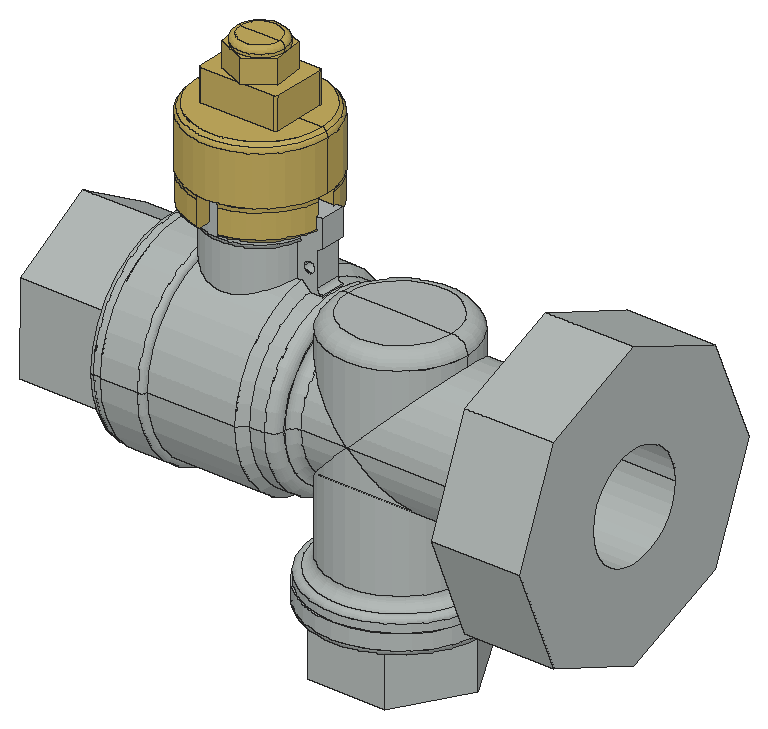
Revit family "QH00190000", category Apparecchi idraulici, Revit 2020
Family settings
  Quota connettore circolare = Usa diametro
  Tipo di parte = Normale
  Numero OmniClass = 23.45.00.00
  Titolo OmniClass = Sanitary, Laundry, and Cleaning Equipment
  Basato su piano di lavoro = No
  Sempre verticale = Sì
  Taglio con vuoti quando caricato = No
  Condiviso = No
  Punto di calcolo locali = No
Parameters
  URL = "https://web.cimberio.it/index.php/figura/1497?subcategoria_id=43528"
  Temperatura di esercizio = "-20 ÷ 90°C"
  Prospetto di default = 0 mm
  Produttore = "CIMBERIO SPA"
  Pressione nominale = "PN 32"
  Modello = "Cim 626/306"
  Materiale = "Prodotto in lega di ottone conforme alla norma EN 12165-CW617N-DW"
  Descrizione = "Utilizzato nei più svariati settori dell'impiantistica: impianti di riscaldamento, condizionamento, idrici, igienico-sanitari, aria compressa e in generale con ogni fluido non corrosivo"
  DN Model [instance] = QH00192131 : QH00192131
  DN [instance] = 20 mm  # constant formula
  Commenti sul tipo = "Realizzato in ottemperanza ai requisiti gestionali della norma EN ISO 9001.\r\nCollaudato al 100% secondo la normativa EN 12266-1"
Reference planes
  plane 1 "Centro (Fronte/Retro)": y = 0
  plane 2: z = 0
  plane 3 "Centro (Sinistra/Destra)": x = 0
Dimensions and locks
  aligned and locked: level to plane 2
Nested families
  nested 1: "QH00192131" at (0, 0, 0), type <- "DN Model", type "QH00192131"
  nested 2: "QH00192131" at (0, 0, 0), type <- "DN Model", type "QH00192131"
Connectors
  piping at (72, 0, 0), diameter 20, driven by "DN"
    settings: on nested 1, index 1, connector inside diameter 609.6 mm, connector length 0 mm, flow factor 0, pipe flow 0.0 L/s, pressure drop 0.0 Pa, fitting loss kfactor 0, connector angle 0.00°, fixture units 0, engagement length 0 mm, angle of deflection 0.00°, flow configuration 0, flow direction 0, fitting loss method 0, system type 7, joint type 0, gender type 0, connector reference index -1, connector utility 0, adjustable connector no, is connector primary yes, connector description ""
  piping at (-34.1, 0, 0), diameter 20, driven by "DN"
    settings: on nested 1, index 2, connector inside diameter 609.6 mm, connector length 0 mm, flow factor 0, pipe flow 0.0 L/s, pressure drop 0.0 Pa, fitting loss kfactor 0, connector angle 0.00°, fixture units 0, engagement length 0 mm, angle of deflection 0.00°, flow configuration 0, flow direction 0, fitting loss method 0, system type 7, joint type 0, gender type 0, connector reference index -1, connector utility 0, adjustable connector no, is connector primary no, connector description ""
Definition of nested family "QH00192131"
  Parameters (values of type "QH00192131")
    URL = "https://web.cimberio.it/index.php/figura/394?subcategoria_id="
    Temperatura di esercizio = "-10 ÷ 95°C"
    Default Elevation = 0 mm
    Manufacturer = "CIMBERIO SPA"
    Pressione nominale = "PN 16"
    Model = "Cim 32"
    Materiale = "Prodotto in lega di ottone conforme alla norma EN 12165-CW617N-DW"
    Description = "Impiegato nei più svariati settori dell'impiantistica in condutture anti-ritorno per: reti di distribuzione acqua potabile, impianti di riscaldamento, condizionamento, igienico-sanitari e in generale con ogni fluido non corrosivo."
    DN [instance] = 50 mm
    Type Comments = "Realizzato in ottemperanza ai requisiti gestionali della norma EN ISO 9001.\r\nCollaudato al 100% secondo la normativa EN 12266-1"
  Reference planes
    plane 1 "Centro (Fronte/Retro)": y = 0
    plane 2: z = 0
    plane 3 "Centro (Sinistra/Destra)": x = 0
  Forms (mm)
    Revolve 1, solid
      sketch origin (0, 0, 0) x (1, 0, 0) y (0, 1, 0)
        loop
          line (-15.1, 19.25) -> (-16.6, 19.25)
          arc (-16.6, 19.25) -> (-17.307, 18.957) -> (-17.6, 18.25) r 1
          line (-17.6, 18.25) -> (-17.6, 10) -> (-15.1, 10) -> (-15.1, 19.25)
        axis (-17.6, 0) -> (-15.1, 0)
      angle from 0 to 360
    Revolve 2, solid
      sketch origin (0, 0, 0) x (1, 0, 0) y (0, 1, 0)
        loop
          line (-15.1, 16.403) -> (-15.1, 10) -> (16.5, 10) -> (16.5, 14.8)
          arc (16.5, 14.8) -> (15.987, 16.342) -> (14.5, 17) r 2.009
          line (14.5, 17) -> (11.5, 17) -> (10, 18.5) -> (-7, 18.5)
          arc (-7, 18.5) -> (-7.293, 19.207) -> (-8, 19.5) r 1
          line (-8, 19.5) -> (-15.1, 19.5) -> (-15.1, 16.403)
        axis (-15.1, 0) -> (16.5, 0)
      angle from 0 to 360
    Revolve 3, solid
      sketch origin (0, 0, 0) x (1, 0, 0) y (0, 1, 0)
        loop
          line (16.5, 14.8) -> (16.5, 10) -> (55, 10) -> (55, 19.677)
          arc (55, 19.677) -> (54.115, 19.159) -> (53.603, 18.269) r 2
          line (53.603, 18.269) -> (52.986, 15.965)
          arc (52.986, 15.965) -> (51.557, 13.827) -> (49.122, 13) r 4
          line (49.122, 13) -> (18.3, 13)
          arc (18.3, 13) -> (17.027, 13.527) -> (16.5, 14.8) r 1.8
        axis (55, 0) -> (16.5, 0)
      angle from 0 to 360
    Extrusion 4, solid
      sketch origin (0, 0, 0) x (0, 1, 0) y (0, 0, 1)
        loop
          line (0, 17.35) -> (-15.026, 8.675) -> (-15.026, -8.675) -> (0, -17.35) -> (15.026, -8.675) -> (15.026, 8.675) -> (0, 17.35)
        loop
          circle (0, 0) r 10
      from -34.1 to -17.6
    Extrusion 5, solid
      sketch origin (0, 0, 0) x (0, 1, 0) y (0, 0, 1)
        loop
          circle (0, 0) r 10
        loop
          line (0, 27.45) -> (-19.41, 19.41) -> (-27.45, 0) -> (-19.41, -19.41) -> (0, -27.45) -> (19.41, -19.41) -> (27.45, 0) -> (19.41, 19.41) -> (0, 27.45)
      from 55 to 72
    Revolve 6, solid
      sketch origin (0, 0, 0) x (1, 0, 0) y (0, 0, 1)
        loop
          line (17, -28.5) -> (10.5, -28.5) -> (10.5, -31.5)
          arc (10.5, -31.5) -> (10.793, -32.207) -> (11.5, -32.5) r 1
          line (11.5, -32.5) -> (17, -32.5) -> (17, -28.5)
        axis (27, -32.5) -> (27, -28.5)
      angle from 0 to 360
    Revolve 7, solid
      sketch origin (0, 0, 0) x (1, 0, 0) y (0, 0, 1)
        loop
          line (32.387, -28.5) -> (43.25, -28.5) -> (43.25, -27)
          arc (43.25, -27) -> (42.854, -26.188) -> (41.97, -26) r 1.031
          arc (41.97, -26) -> (40.575, -25.404) -> (40, -24.001) r 2
          line (40, -24.001) -> (39.986, 14.793)
          arc (39.986, 14.793) -> (39.015, 16.722) -> (37, 17.5) r 3
          line (37, 17.5) -> (27, 17.5) -> (27, 11.52) -> (32.387, 11.52) -> (32.387, -28.5)
        axis (27, -28.5) -> (27, 17.5)
      angle from 0 to 360
    Extrusion 8, solid
      sketch origin (27, 27, 0) x (0, -1, 0) y (1, 0, 0)
        loop
          circle (27, 0) r 10
        loop
          line (27, -15) -> (39.99, -7.5) -> (39.99, 7.5) -> (27, 15) -> (14.01, 7.5) -> (14.01, -7.5) -> (27, -15)
      from -42.5 to -32.5
    Revolve 9, solid
      sketch origin (0, 0, 0) x (1, 0, 0) y (0, 0, 1)
        loop
          line (9.227, 13.962) -> (9.227, 24.5)
          arc (9.227, 24.5) -> (9.695, 24.788) -> (9.879, 25.306) r 0.824
          line (9.879, 25.306) -> (9.879, 32.689) -> (4.939, 32.689) -> (4.939, 13.962) -> (9.227, 13.962)
        axis (-0.061, 13.962) -> (-0.061, 32.689)
      angle from 0 to 360
    Extrusion 10, solid
      sketch origin (0, 0, 0) x (1, 0, 0) y (0, 0, 1)
        loop
          line (14, 30.3) -> (8.014, 30.3) -> (8.014, 16.076) -> (14, 16.076) -> (14, 17)
          arc (14, 17) -> (13.293, 17.293) -> (13, 18) r 1
          line (13, 18) -> (13, 24.423) -> (14, 25) -> (14, 30.3)
        loop
          circle (11.5, 21) r 1
      from -2.361 to 2.361
    Revolve 11, solid
      sketch origin (0, 0, 0) x (1, 0, 0) y (0, 0, 1)
        loop
          line (0, 44.3) -> (0, 27.3) -> (12.131, 27.3)
          arc (12.131, 27.3) -> (12.56, 27.447) -> (12.845, 27.8) r 0.819
          line (12.845, 27.8) -> (12.845, 32.504) -> (13, 33.3) -> (13, 42.781)
          arc (13, 42.781) -> (12.905, 43.261) -> (12.633, 43.667) r 1.253
          line (12.633, 43.667) -> (12, 44.3) -> (0, 44.3)
        axis (0, 27.3) -> (0, 44.3)
      angle from 0 to 360
    Extrusion 12, void
      sketch origin (0, 0, 0) x (1, 0, 0) y (0, 0, 1)
        loop
          line (-2, 33.3) -> (-2, 22.121) -> (2, 22.121) -> (2, 33.3) -> (-2, 33.3)
      from -37.86 to 50
    Extrusion 13, void
      sketch origin (-8.93, 0, 0) x (0, -1, 0) y (0, 0, 1)
        loop
          line (-2, 33.3) -> (-2, 22.121) -> (2, 22.121) -> (2, 33.3) -> (-2, 33.3)
      from -28.154 to 11.171
    Extrusion 14, solid
      sketch origin (0, 0, 0) x (1, 0, 0) y (0, 1, 0)
        loop
          arc (-7, 5.5) -> (-7.354, 5.354) -> (-7.5, 5) r 0.5
          line (-7.5, 5) -> (-7.5, -5)
          arc (-7.5, -5) -> (-7.354, -5.354) -> (-7, -5.5) r 0.5
          line (-7, -5.5) -> (7, -5.5)
          arc (7, -5.5) -> (7.354, -5.354) -> (7.5, -5) r 0.5
          line (7.5, -5) -> (7.5, 5)
          arc (7.5, 5) -> (7.354, 5.354) -> (7, 5.5) r 0.5
          line (7, 5.5) -> (-7, 5.5)
      from 44.3 to 50.3
    Revolve 15, solid
      sketch origin (0, 0, 0) x (1, 0, 0) y (0, 0, 1)
        loop
          line (3.75, 56.3) -> (0, 56.3) -> (0, 54.234) -> (4.75, 54.234) -> (4.75, 55.3)
          arc (4.75, 55.3) -> (4.457, 56.007) -> (3.75, 56.3) r 1
        axis (0, 56.3) -> (0, 54.234)
      angle from 0 to 360
    Extrusion 16, solid
      sketch origin (0, 0, 0) x (1, 0, 0) y (0, 1, 0)
        loop
          line (4.613, 3.476) -> (-0.704, 5.733) -> (-5.317, 2.257) -> (-4.613, -3.476) -> (0.704, -5.733) -> (5.317, -2.257) -> (4.613, 3.476)
      from 50.3 to 54.8
  Cuts and joins
    Extrusion 12, Extrusion 13 cuts Revolve 11
  Dimensions and locks
    aligned and locked: level to plane 2
